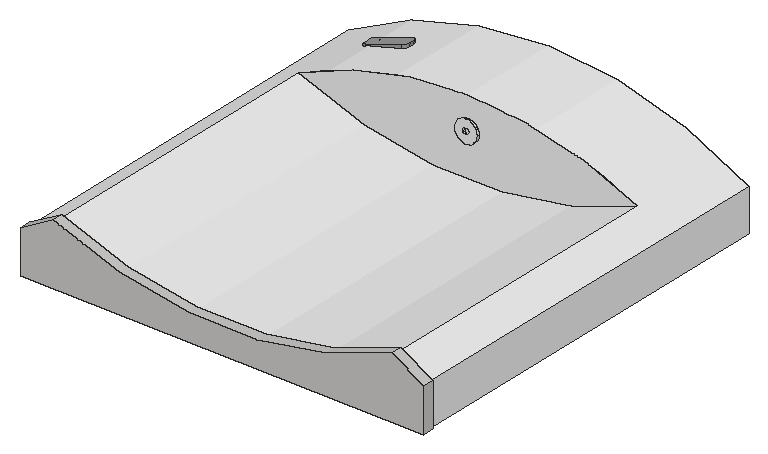
Revit family "Bottle_Filler-Murdock-H2O-To-Go-BFI2S", category Plumbing Fixtures, host Face, Revit 2019
Family settings
  Host = Face
  Round Connector Dimension = Use Diameter
  Part Type = Normal
  OmniClass Number = 23.65.70.14.11
  OmniClass Title = Drinking Fountains/Coolers
  Cut with Voids When Loaded = Yes
  Shared = Yes
  Room Calculation Point = No
Parameters (values of type "BF12S-BCD")
  Width = 4 3/8"  # constant formula
  Waste Connection = no
  WFU = 2  # constant formula
  Vent Connection = no
  URL = "https://www.murdockmfg.com/home"
  Type Comments = "Sensor Operated Stainless Steel Bottle Filler with Bottle Counter / Filter Status Display"
  Product Page URL = "https://www.murdockmfg.com/add-on-sensor-bottle-filler-bf12s"
  Product Documentation Link = "https://www.murdockmfg.com/uploads/fileLibrary/BF12S.pdf"
  Model = "BF12S-BCD"
  Material = "Stainless Steel-Murdock-Satin"
  Manufacturer = "Murdock Mfg."  # constant formula
  Length = 17 3/4"  # constant formula
  Keynote = ""
  Installation Type = "Wall Mounted"  # constant formula
  IAPMO Compliance = "IAPMO tested to NSF/ANSI 61, Section 9, Lead-Free Federal Law 111-380"  # constant formula
  Housing Material = Stainless Steel-Murdock-Satin
  Height = 18 1/8"  # constant formula
  HWFU = 1.5  # constant formula
  HW Connection = no
  Flow Rate = "1.2 GPM (4.54 l/min) at 70 PSI"  # constant formula
  Description = "Deck-Mounted SpringH2O® Touchless All-Stainless Steel Water Bottle Filling Station - A17 Series Add-On, ADA"  # constant formula
  Default Elevation = 0"
  Creation Date = "10/22/2024"  # constant formula
  Cold Water Connection Width = 2"
  Cold Water Connection Radius = Cold Water Connection Diameter / 2  # 3/16"
  Cold Water Connection Height = 19 3/8"
  Cold Water Connection Diameter = 3/8"  # constant formula
  CWFU = 1.5  # constant formula
  CW Connection = yes
  Assembly Code = "D2010820"
  ADA Compliant = yes
  -WF3000 3000-Gallon PFAS Water Filter1 = no
  -WF1 1500-Gallon Capacity Water Filter1 = no
  -EG22 Enviro-Glaze® Matte Black Powder Coat = no
  -BCD Bottle Counter / Filter Status Display = yes
  -AP Auto-Purge Function Controller1 = no
Types (4): name | Type Comments | Model | -BCD Bottle Counter / Filter Status Display
  (no name) | "Sensor Operated Stainless Steel Bottle Filler with Bottle Counter / Filter Status Display" | "BF12S-BCD" | yes
  BF12S | "Sensor Operated Stainless Steel Bottle Filler" | "BF12S" | no
  BF12S-BCD | "Sensor Operated Stainless Steel Bottle Filler with Bottle Counter / Filter Status Display" | "BF12S-BCD" | yes
  BF12S-BAT | "Battery Sensor Operated Stn Stl Bottle Filler" | "BF12S-BAT" | no
Reference planes (in)
  plane 1 "Center (Front/Back)": y = 0
  plane 2: z = 0
  plane 3 "Center (Left/Right)": x = 0
  plane 4: x = -8.875
  plane 5: x = 8.875
  plane 6: y = 18.125
  plane 7: y = 13.625
  plane 8: y = 15.5
  plane 9: z = 4.375
  plane 10: z = 1
  plane 11: z = 2.625
  plane 12: y = 1
  plane 13: x = -7.875
Forms (in)
  Extrusion 1, solid, material "Stainless Steel-Murdock-Satin" <- "Housing Material"
    sketch origin (21.84744, 33.875, -2.03125) x (1, 0, 0) y (0, 0, -1)
      loop
        line (-30.72244, -2.03125) -> (-30.72244, -3.90625)
        arc (-30.72244, -3.90625) -> (-21.84744, -6.40625) -> (-12.97244, -3.90625) r 17.00313
        line (-12.97244, -3.90625) -> (-12.97244, -2.03125) -> (-30.72244, -2.03125)
    from -33.375 to -15.75
  Extrusion 2, solid, material "Stainless Steel-Murdock-Satin" <- "Housing Material"
    sketch origin (64.85245, 14.375, -0.65625) x (1, 0, 0) y (0, 0, -1)
      loop
        circle (-64.85245, -3.625) r 0.5
      loop
        circle (-64.85245, -3.625) r 0.14544
    from -0.82582 to 1.125
  Extrusion 3, void
    sketch origin (64.85245, 14.375, -2.03125) x (-1, 0, 0) y (0, 0, -1)
      loop
        line (57.33923, -6.40625) -> (72.36567, -6.40625) -> (72.36567, -4.65625)
        arc (72.36567, -4.65625) -> (64.85245, -3.03128) -> (57.33923, -4.65625) r 18.18155
        line (57.33923, -4.65625) -> (57.33923, -6.40625)
    from 0.75 to 14.375
  Extrusion 4, solid, material "Stainless Steel-Murdock-White"
    sketch origin (21.84744, 44.25, -2.03125) x (1, 0, 0) y (0, 0, -1)
      loop
        line (-12.87087, -2.03125) -> (-30.824, -2.03125) -> (-30.824, -3.96306)
        arc (-30.824, -3.96306) -> (-30.10297, -4.38366) -> (-29.36228, -4.76859) r 17.10469
        arc (-29.36228, -4.76859) -> (-21.84744, -3.13284) -> (-14.33259, -4.76859) r 18.07999
        arc (-14.33259, -4.76859) -> (-13.5919, -4.38366) -> (-12.87087, -3.96306) r 17.10469
        line (-12.87087, -3.96306) -> (-12.87087, -2.03125)
    from -44.25 to -43.75
  Extrusion 5, solid, material "Murdock- Grey", visible <- "-BCD Bottle Counter / Filter Status Display"
    sketch origin (0, 0, 0) x (1, 0, 0) y (0, 1, 0)
      loop
        arc (-6.19688, 16.32268) -> (-6.33549, 16.26526) -> (-6.3929, 16.12666) r 0.19602
        line (-6.3929, 16.12666) -> (-6.3929, 15.88742)
        arc (-6.3929, 15.88742) -> (-6.3357, 15.74932) -> (-6.19759, 15.69211) r 0.19531
        line (-6.19759, 15.69211) -> (-4.58822, 15.69211)
        arc (-4.58822, 15.69211) -> (-4.45011, 15.74932) -> (-4.3929, 15.88742) r 0.19531
        line (-4.3929, 15.88742) -> (-4.3929, 16.12736)
        arc (-4.3929, 16.12736) -> (-4.45011, 16.26547) -> (-4.58822, 16.32268) r 0.19531
        line (-4.58822, 16.32268) -> (-6.19688, 16.32268)
    from 0 to 4.04763
  Extrusion 6, void
    sketch origin (21.81619, -2.625, 0) x (1, 0, 0) y (0, 0, -1)
      loop
        line (-28.20909, -3.23697) -> (-28.20909, -4.04763) -> (-26.20909, -4.04763) -> (-26.20909, -3.90284)
        arc (-26.20909, -3.90284) -> (-27.21936, -3.60074) -> (-28.20909, -3.23697) r 17.10469
    from 18.31711 to 18.94768
  Extrusion 7, void
    sketch origin (0, 0, 0) x (1, 0, 0) y (0, 1, 0)
      loop
        circle (-7.875, 1) r 0.125
    from 0 to -0.1545
Cuts and joins
  Extrusion 3, Extrusion 7 cuts Extrusion 1
  Extrusion 6 cuts Extrusion 5
Lines and regions (in)
  Masking region 1
    outline origin (21.81619, -2.625, 0) x (1, 0, 0) y (0, 0, -1)
      loop
        line (-12.83962, -1.93181) -> (-12.83962, 0) -> (-30.79275, 0) -> (-30.79275, -1.93181)
        arc (-30.79275, -1.93181) -> (-30.07172, -2.35241) -> (-29.33103, -2.73734) r 17.10469
        arc (-29.33103, -2.73734) -> (-29.27093, -2.71) -> (-29.21072, -2.68289) r 18.07999
        arc (-29.21072, -2.68289) -> (-25.28666, -4.01706) -> (-21.15639, -4.36219) r 17.00313
        arc (-21.15639, -4.36219) -> (-17.70242, -3.86985) -> (-14.42165, -2.68289) r 17.00313
        arc (-14.42165, -2.68289) -> (-14.36145, -2.71) -> (-14.30134, -2.73734) r 18.07999
        arc (-14.30134, -2.73734) -> (-13.56065, -2.35241) -> (-12.83962, -1.93181) r 17.10469
  Masking region 2, visible <- "-BCD Bottle Counter / Filter Status Display"
    outline origin (21.81619, -2.625, 0) x (1, 0, 0) y (0, 0, -1)
      loop
        line (-26.20909, -3.90284) -> (-26.20909, -3.79773)
        arc (-26.20909, -3.79773) -> (-27.2195, -3.49362) -> (-28.20909, -3.12741) r 17.00313
        line (-28.20909, -3.12741) -> (-28.20909, -3.23697)
        arc (-28.20909, -3.23697) -> (-27.21936, -3.60074) -> (-26.20909, -3.90284) r 17.10469
  symbolic lines, detail levels medium+fine
    curve 1: arc (-8.875, -2.625, 1.875) -> (-8.14479, -2.625, 2.29731) -> (-7.39453, -2.625, 2.68289) r 17.00313
    curve 2: line (8.875, -2.625, 1.875) -> (8.875, -2.625, 0)
    curve 3: line (-8.875, -2.625, 0) -> (-8.875, -2.625, 1.875)
    curve 4: arc (7.39453, -2.625, 2.68289) -> (8.14479, -2.625, 2.29731) -> (8.875, -2.625, 1.875) r 17.00313
Dimensions and locks (in)
  "Length": plane 4 to plane 5
  "Height": plane 6 to plane 1 "Center (Front/Back)"
  plane 1 "Center (Front/Back)" to plane 7 = 13 5/8"
  plane 1 "Center (Front/Back)" to plane 8 = 15 1/2"
  host face to plane 11 = 2 5/8"
  host face to plane 10 = 1"
  "Width": host face to plane 9
  aligned and locked: plane 2 to host face
  aligned and locked: level to host face
  aligned and locked: Extrusion 1 to host face
  aligned and locked: plane 6 to Extrusion 1
  aligned and locked: plane 7 to Extrusion 3
  aligned and locked: plane 1 "Center (Front/Back)" to Extrusion 4
  aligned and locked: plane 12 to Extrusion 7 sketch curve
  aligned and locked: plane 13 to Extrusion 7 sketch curve
Automatic sketch dimensions
  host sketch curve to host sketch curve = 96"  (x2)
  curve 1 to curve 4 = 0"  (x2)
  curve 3 to level = 0"
  curve 3 to plane 4 = 0"
  curve 1 to plane 3 "Center (Left/Right)" = 0"
  plane 5 to curve 2 = 0"
  curve 2 to level = 0"
  curve 2 to plane 11 = 3/4"
  curve 3 to plane 11 = 3/4"
  curve 4 to level = 12.62813"
  plane 11 to curve 1 = 0.05789"
  plane 11 to curve 4 = 0.05789"
  Extrusion 1 sketch curve to level = 0"
  Extrusion 1 sketch curve to plane 4 = 0"
  Extrusion 1 sketch curve to plane 3 "Center (Left/Right)" = 0"
  plane 5 to Extrusion 1 sketch curve = 0"
  Extrusion 1 sketch curve to plane 11 = 3/4"
  Extrusion 1 sketch curve to level = 12.62813"
  Extrusion 2 sketch curve to Extrusion 2 sketch curve = 0"  (x2)
  Extrusion 2 sketch curve to plane 3 "Center (Left/Right)" = 0"
  plane 11 to Extrusion 2 sketch curve = 11/32"
  Extrusion 3 sketch curve to plane 9 = 0"
  Extrusion 3 sketch curve to plane 11 = 0"  (x2)
  Extrusion 3 sketch curve to plane 3 "Center (Left/Right)" = 0"
  plane 5 to Extrusion 3 sketch curve = 1.36178"
  plane 9 to Extrusion 3 sketch curve = 14.80658"
  Extrusion 4 sketch curve to Extrusion 4 sketch curve = 0"  (x2)
  Extrusion 4 sketch curve to level = 0"
  Extrusion 4 sketch curve to plane 3 "Center (Left/Right)" = 0"  (x2)
  Extrusion 4 sketch curve to plane 4 = 13/128"
  Extrusion 4 sketch curve to plane 5 = 13/128"
  Extrusion 4 sketch curve to plane 11 = 0.69319"  (x2)
  plane 9 to Extrusion 4 sketch curve = 14.80658"
  Extrusion 4 sketch curve to level = 12.62813"
  plane 11 to Extrusion 4 sketch curve = 0.11234"
  plane 8 to Extrusion 5 sketch curve = 0.38742"
  plane 4 to Extrusion 5 sketch curve = 2.4821"
  plane 8 to Extrusion 5 sketch curve = 0.19211"
  Extrusion 5 sketch curve to Extrusion 5 sketch curve = 0.19602"
  plane 8 to Extrusion 5 sketch curve = 0.62736"
  Extrusion 5 sketch curve to Extrusion 5 sketch curve = 1.60867"
  Extrusion 5 sketch curve to Extrusion 5 sketch curve = 0"
  Extrusion 5 sketch curve to Extrusion 5 sketch curve = 25/128"
  Extrusion 6 sketch curve to plane 3 "Center (Left/Right)" = 0"
  Extrusion 6 sketch curve to plane 9 = 0.32737"
  Extrusion 6 sketch curve to Extrusion 6 sketch curve = 2"
  plane 4 to Extrusion 6 sketch curve = 2.4821"
  Extrusion 6 sketch curve to Extrusion 6 sketch curve = 0.14479"
  plane 11 to Extrusion 6 sketch curve = 0.61197"
  Masking region 2 sketch curve to plane 3 "Center (Left/Right)" = 0"
  Masking region 2 sketch curve to plane 9 = 0.47216"
  plane 11 to Masking region 2 sketch curve = 0.50241"
  Masking region 2 sketch curve to Masking region 2 sketch curve = 2"
  Masking region 2 sketch curve to Masking region 2 sketch curve = 0.10511"
  Masking region 2 sketch curve to Masking region 2 sketch curve = 0"  (x2)
  Masking region 2 sketch curve to Masking region 2 sketch curve = 0.10955"
  Masking region 1 sketch curve to Masking region 1 sketch curve = 0"  (x8)
  Masking region 1 sketch curve to level = 0"
  Masking region 1 sketch curve to plane 3 "Center (Left/Right)" = 0"  (x2)
  Masking region 1 sketch curve to plane 4 = 13/128"
  Masking region 1 sketch curve to plane 5 = 13/128"
  Masking region 1 sketch curve to plane 11 = 0.69319"  (x2)
  plane 9 to Masking region 1 sketch curve = 14.80658"
  Masking region 1 sketch curve to level = 12.62813"
  plane 11 to Masking region 1 sketch curve = 0.05789"  (x2)
  Masking region 1 sketch curve to plane 9 = 0.01281"
  plane 5 to Masking region 1 sketch curve = 1 123/256"
  radius of Extrusion 2 sketch curve = 1/2"
  radius of Extrusion 2 sketch curve = 0.14544"
  radius of Extrusion 7 sketch curve = 1/8"
Connectors (in)
  piping at (-7.875, 1, 0), diameter 0.25, driven by "CWFU"
    settings: on Extrusion 7, index 1, connector inside diameter 24", connector length 0", flow factor 0, pipe flow 0 GPM, pressure drop 0.00 psi, fitting loss kfactor 0, connector angle 0.00°, fixture units 1.5, engagement length 0", angle of deflection 0.00°, flow configuration 3, flow direction 1, fitting loss method 0, system type 20, joint type 0, gender type 0, connector reference index -1, connector utility 0, adjustable connector no, is connector primary yes, connector description "1/4\" OD Water Supply"
